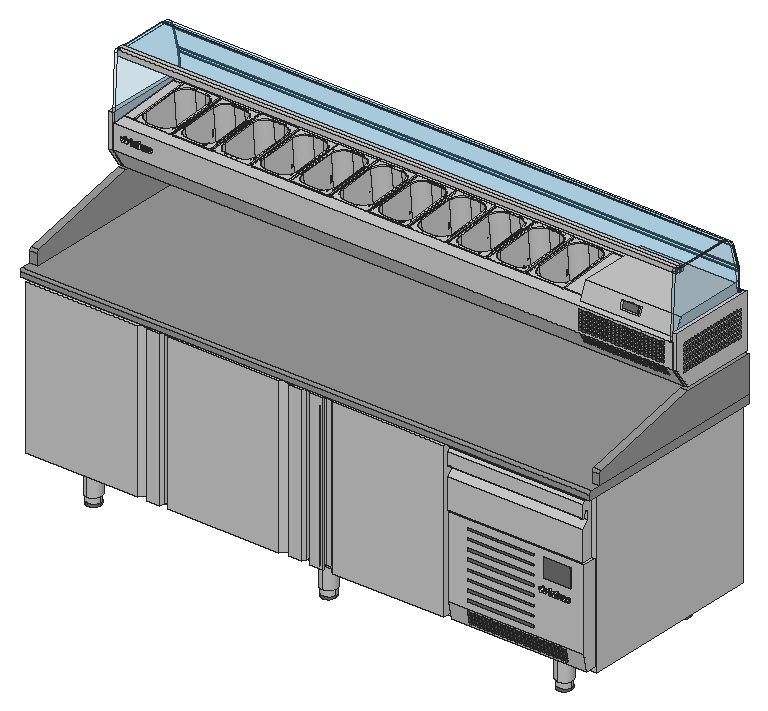
Revit family "QF_INFRICO_MP2300_VIP2300B14_G_250813011618", category Specialty Equipment, Revit 2021 (continued)
Definition of nested family "QF_INFRICO_LEGS_10730"
  Reference planes
    plane 7 "Central": x = 1092.5
  Forms (mm)
    Extrusion 1, solid
      sketch origin (0, 0, 140) x (0, 1, 0) y (-1, 0, 0)
        loop
          line (-568, -154.986) -> (-668, -154.986) -> (-668, -244.986) -> (-568, -244.986) -> (-568, -154.986)
      from 0 to -3
    Extrusion 2, solid
      sketch origin (0, 0, 0) x (1, 0, 0) y (0, 1, 0)
        loop
          circle (199.986, -618) r 28
      from 9 to 35
    Extrusion 3, solid
      sketch origin (0, 0, 0) x (1, 0, 0) y (0, 1, 0)
        loop
          circle (199.986, -618) r 28.5
      from 0 to 9
    Sweep 4, solid
      path origin (0, 0, 0) x (0, 1, 0) y (0, 0, 1)
        loop
          line (-618, 35) -> (-618, 137)
      profile origin (0, -618, 86) x (0, -1, 0) y (1, 0, 0)
        loop
          circle (0, 199.986) r 32
    Extrusion 5, solid
      sketch origin (0, 500, 140) x (0, 1, 0) y (-1, 0, 0)
        loop
          line (-530, -154.986) -> (-630, -154.986) -> (-630, -244.986) -> (-530, -244.986) -> (-530, -154.986)
      from 0 to -3
    Extrusion 6, solid
      sketch origin (0, 500, 0) x (1, 0, 0) y (0, 1, 0)
        loop
          circle (199.986, -580) r 28
      from 9 to 35
    Extrusion 7, solid
      sketch origin (0, 500, 0) x (1, 0, 0) y (0, 1, 0)
        loop
          circle (199.986, -580) r 28.5
      from 0 to 9
    Sweep 8, solid
      path origin (0, 500, 0) x (0, 1, 0) y (0, 0, 1)
        loop
          line (-580, 35) -> (-580, 137)
      profile origin (0, -80, 86) x (0, -1, 0) y (1, 0, 0)
        loop
          circle (0, 199.986) r 32
    Extrusion 9, solid
      sketch origin (1560, 0, 140) x (0, 1, 0) y (-1, 0, 0)
        loop
          line (-568, -379.986) -> (-668, -379.986) -> (-668, -469.986) -> (-568, -469.986) -> (-568, -379.986)
      from 0 to -3
    Extrusion 10, solid
      sketch origin (1560, 0, 0) x (1, 0, 0) y (0, 1, 0)
        loop
          circle (424.986, -618) r 28
      from 9 to 35
    Extrusion 11, solid
      sketch origin (1560, 0, 0) x (1, 0, 0) y (0, 1, 0)
        loop
          circle (424.986, -618) r 28.5
      from 0 to 9
    Sweep 12, solid
      path origin (2185, 0, 0) x (0, -1, 0) y (0, 0, 1)
        loop
          line (618, 35) -> (618, 137)
      profile origin (2185, -618, 86) x (0, 1, 0) y (-1, 0, 0)
        loop
          circle (0, 199.986) r 32
    Extrusion 13, solid
      sketch origin (1560, 500, 140) x (0, 1, 0) y (-1, 0, 0)
        loop
          line (-530, -379.986) -> (-630, -379.986) -> (-630, -469.986) -> (-530, -469.986) -> (-530, -379.986)
      from 0 to -3
    Extrusion 14, solid
      sketch origin (1560, 500, 0) x (1, 0, 0) y (0, 1, 0)
        loop
          circle (424.986, -580) r 28
      from 9 to 35
    Extrusion 15, solid
      sketch origin (1560, 500, 0) x (1, 0, 0) y (0, 1, 0)
        loop
          circle (424.986, -580) r 28.5
      from 0 to 9
    Sweep 16, solid
      path origin (2185, 0, 0) x (0, -1, 0) y (0, 0, 1)
        loop
          line (80, 35) -> (80, 137)
      profile origin (2185, -80, 86) x (0, 1, 0) y (-1, 0, 0)
        loop
          circle (0, 199.986) r 32
    Extrusion 17, solid, visible <- "CentralLegs"
      sketch origin (534.014, 0, 140) x (0, 1, 0) y (-1, 0, 0)
        loop
          line (-568, -513.486) -> (-668, -513.486) -> (-668, -603.486) -> (-568, -603.486) -> (-568, -513.486)
      from 0 to -3
    Extrusion 18, solid, visible <- "CentralLegs"
      sketch origin (534.014, 0, 0) x (1, 0, 0) y (0, 1, 0)
        loop
          circle (558.486, -618) r 28
      from 9 to 35
    Extrusion 19, solid, visible <- "CentralLegs"
      sketch origin (534.014, 0, 0) x (1, 0, 0) y (0, 1, 0)
        loop
          circle (558.486, -618) r 28.5
      from 0 to 9
    Sweep 20, solid, visible <- "CentralLegs"
      path origin (1092.5, 0, 0) x (0, -1, 0) y (0, 0, 1)
        loop
          line (618, 35) -> (618, 137)
      profile origin (1092.5, -618, 86) x (0, 1, 0) y (-1, 0, 0)
        loop
          circle (0, -0.014) r 32
    Extrusion 21, solid, visible <- "CentralLegs"
      sketch origin (534.014, 500, 140) x (0, 1, 0) y (-1, 0, 0)
        loop
          line (-530, -513.486) -> (-630, -513.486) -> (-630, -603.486) -> (-530, -603.486) -> (-530, -513.486)
      from 0 to -3
    Extrusion 22, solid, visible <- "CentralLegs"
      sketch origin (534.014, 500, 0) x (1, 0, 0) y (0, 1, 0)
        loop
          circle (558.486, -580) r 28
      from 9 to 35
    Extrusion 23, solid, visible <- "CentralLegs"
      sketch origin (534.014, 500, 0) x (1, 0, 0) y (0, 1, 0)
        loop
          circle (558.486, -580) r 28.5
      from 0 to 9
    Sweep 24, solid, visible <- "CentralLegs"
      path origin (1092.5, 0, 0) x (0, -1, 0) y (0, 0, 1)
        loop
          line (80, 35) -> (80, 137)
      profile origin (1092.5, -80, 86) x (0, 1, 0) y (-1, 0, 0)
        loop
          circle (0, -0.014) r 32
  Dimensions and locks
    "Length": plane 3 "Left" to plane 4 "Right"
    "Depth": plane 1 "Back" to plane 5 "Front"
    "Height": plane 6 "Top" to plane 2
    equal spacing: plane 3 "Left", plane 7 "Central", plane 4 "Right"
    locked: Sweep 20 sketch curve to profile plane at 0.014
    locked: Sweep 24 sketch curve to profile plane at 0.014
    aligned and locked: level to plane 2
  Automatic sketch dimensions
    plane 5 "Front" to Extrusion 1 sketch curve = 70 mm
    Extrusion 1 sketch curve to Extrusion 1 sketch curve = 100 mm
    plane 3 "Left" to Extrusion 1 sketch curve = 244.986 mm
    Extrusion 1 sketch curve to Extrusion 1 sketch curve = 90 mm
    plane 3 "Left" to Extrusion 2 sketch curve = 199.986 mm
    plane 5 "Front" to Extrusion 2 sketch curve = 120 mm
    plane 3 "Left" to Extrusion 3 sketch curve = 199.986 mm
    plane 5 "Front" to Extrusion 3 sketch curve = 120 mm
    Sweep 4 sketch curve to plane 6 "Top" = 3 mm
    plane 5 "Front" to Sweep 4 sketch curve = 120 mm
    level to Sweep 4 sketch curve = 35 mm
    Sweep 4 sketch curve to profile plane = 0 mm
    plane 3 "Left" to Sweep 4 sketch curve = 199.986 mm
    plane 1 "Back" to Extrusion 5 sketch curve = 130 mm
    plane 1 "Back" to Extrusion 5 sketch curve = 30 mm
    plane 3 "Left" to Extrusion 5 sketch curve = 244.986 mm
    Extrusion 5 sketch curve to Extrusion 5 sketch curve = 90 mm
    plane 1 "Back" to Extrusion 6 sketch curve = 80 mm
    plane 3 "Left" to Extrusion 6 sketch curve = 199.986 mm
    plane 1 "Back" to Extrusion 7 sketch curve = 80 mm
    plane 3 "Left" to Extrusion 7 sketch curve = 199.986 mm
    Sweep 8 sketch curve to plane 6 "Top" = 3 mm
    plane 1 "Back" to Sweep 8 sketch curve = 80 mm
    level to Sweep 8 sketch curve = 35 mm
    Sweep 8 sketch curve to profile plane = 0 mm
    plane 3 "Left" to Sweep 8 sketch curve = 199.986 mm
    plane 5 "Front" to Extrusion 9 sketch curve = 70 mm
    Extrusion 9 sketch curve to Extrusion 9 sketch curve = 100 mm
    plane 4 "Right" to Extrusion 9 sketch curve = 155.014 mm
    Extrusion 9 sketch curve to Extrusion 9 sketch curve = 90 mm
    plane 4 "Right" to Extrusion 10 sketch curve = 200.014 mm
    plane 5 "Front" to Extrusion 10 sketch curve = 120 mm
    plane 4 "Right" to Extrusion 11 sketch curve = 200.014 mm
    plane 5 "Front" to Extrusion 11 sketch curve = 120 mm
    Sweep 12 sketch curve to profile plane = 0 mm
    profile plane to Sweep 12 sketch curve = 199.986 mm
    plane 1 "Back" to Extrusion 13 sketch curve = 130 mm
    plane 1 "Back" to Extrusion 13 sketch curve = 30 mm
    plane 4 "Right" to Extrusion 13 sketch curve = 155.014 mm
    Extrusion 13 sketch curve to Extrusion 13 sketch curve = 90 mm
    plane 1 "Back" to Extrusion 14 sketch curve = 80 mm
    plane 4 "Right" to Extrusion 14 sketch curve = 200.014 mm
    plane 1 "Back" to Extrusion 15 sketch curve = 80 mm
    plane 4 "Right" to Extrusion 15 sketch curve = 200.014 mm
    Sweep 16 sketch curve to profile plane = 0 mm
    profile plane to Sweep 16 sketch curve = 199.986 mm
    plane 5 "Front" to Extrusion 17 sketch curve = 70 mm
    Extrusion 17 sketch curve to plane 7 "Central" = 45 mm
    Extrusion 17 sketch curve to Extrusion 17 sketch curve = 100 mm
    plane 7 "Central" to Extrusion 17 sketch curve = 45 mm
    Extrusion 18 sketch curve to plane 7 "Central" = 0 mm
    plane 5 "Front" to Extrusion 18 sketch curve = 120 mm
    Extrusion 19 sketch curve to plane 7 "Central" = 0 mm
    plane 5 "Front" to Extrusion 19 sketch curve = 120 mm
    Sweep 20 sketch curve to profile plane = 0 mm
    plane 7 "Central" to Extrusion 21 sketch curve = 45 mm
    plane 1 "Back" to Extrusion 21 sketch curve = 130 mm
    plane 1 "Back" to Extrusion 21 sketch curve = 30 mm
    Extrusion 21 sketch curve to plane 7 "Central" = 45 mm
    Extrusion 22 sketch curve to plane 7 "Central" = 0 mm
    plane 1 "Back" to Extrusion 22 sketch curve = 80 mm
    Extrusion 23 sketch curve to plane 7 "Central" = 0 mm
    plane 1 "Back" to Extrusion 23 sketch curve = 80 mm
    Sweep 24 sketch curve to profile plane = 0 mm
    Sweep 16 sketch curve to plane 6 "Top" = 3 mm
    plane 1 "Back" to Sweep 16 sketch curve = 80 mm
    level to Sweep 16 sketch curve = 35 mm
    Sweep 12 sketch curve to plane 6 "Top" = 3 mm
    plane 5 "Front" to Sweep 12 sketch curve = 120 mm
    level to Sweep 12 sketch curve = 35 mm
    Sweep 20 sketch curve to plane 6 "Top" = 3 mm
    plane 5 "Front" to Sweep 20 sketch curve = 120 mm
    level to Sweep 20 sketch curve = 35 mm
    Sweep 24 sketch curve to plane 6 "Top" = 3 mm
    plane 1 "Back" to Sweep 24 sketch curve = 80 mm
    level to Sweep 24 sketch curve = 35 mm
    radius of Extrusion 2 sketch curve = 28 mm
    radius of Extrusion 3 sketch curve = 28.5 mm
    radius of Sweep 4 sketch curve = 32 mm
    radius of Extrusion 6 sketch curve = 28 mm
    radius of Extrusion 7 sketch curve = 28.5 mm
    radius of Sweep 8 sketch curve = 32 mm
    radius of Extrusion 10 sketch curve = 28 mm
    radius of Extrusion 11 sketch curve = 28.5 mm
    radius of Sweep 12 sketch curve = 32 mm
    radius of Extrusion 14 sketch curve = 28 mm
    radius of Extrusion 15 sketch curve = 28.5 mm
    radius of Sweep 16 sketch curve = 32 mm
    radius of Extrusion 18 sketch curve = 28 mm
    radius of Extrusion 19 sketch curve = 28.5 mm
    radius of Sweep 20 sketch curve = 32 mm
    radius of Extrusion 22 sketch curve = 28 mm
    radius of Extrusion 23 sketch curve = 28.5 mm
    radius of Sweep 24 sketch curve = 32 mm
Definition of nested family "CONN_POINT_DRAIN_2D___Generic_Annotation"
  Parameters (values of type "CONN_POINT_DRAIN_2D___Generic_Annotation")
    Onboard connection annotation symbol visibility [instance] = yes
  Reference planes
    plane 1: y = 0
    plane 2: x = 0
  Lines and regions (mm)
    detail lines, visible <- "Onboard connection annotation symbol visibility"
      curve 1: circle (0, 0, 0) r 0.5 normal (0, 0, 1)
      curve 2: line (-1, 0, 0) -> (1, 0, 0)
      curve 3: line (0, 1, 0) -> (0, -1, 0)
      curve 4: line (1.776, 1, 0) -> (1.25, 1, 0)
      curve 5: line (1.25, 1, 0) -> (1.25, -1, 0)
      curve 6: line (1.25, -1, 0) -> (1.776, -1, 0)
      curve 7: arc (2.206, -0.862, 0) -> (2.459, -0.589, 0) -> (2.583, -0.238, 0) r 0.918
      curve 8: arc (2.583, 0.238, 0) -> (2.459, 0.589, 0) -> (2.206, 0.862, 0) r 0.918
      curve 9: arc (2.583, -0.238, 0) -> (2.599, 0, 0) -> (2.583, 0.238, 0) r 1.77
      curve 10: arc (2.206, 0.862, 0) -> (2.002, 0.965, 0) -> (1.776, 1, 0) r 0.741
      curve 11: arc (1.776, -1, 0) -> (2.002, -0.965, 0) -> (2.206, -0.862, 0) r 0.741
Definition of nested family "CONN_POINT_ELE_2D___Generic_Annotation"
  Parameters (values of type "CONN_POINT_ELE_2D___Generic_Annotation")
    Onboard connection annotation symbol visibility [instance] = yes
  Reference planes
    plane 1: y = 0
    plane 2: x = 0
  Lines and regions (mm)
    detail lines, visible <- "Onboard connection annotation symbol visibility"
      curve 1: circle (0, 0, 0) r 0.5 normal (0, 0, 1)
      curve 2: line (-1, 0, 0) -> (1, 0, 0)
      curve 3: line (0, 1, 0) -> (0, -1, 0)
      curve 4: line (2.5, 1, 0) -> (1.25, 1, 0)
      curve 5: line (1.25, 1, 0) -> (1.25, -1, 0)
      curve 6: line (1.25, -1, 0) -> (2.5, -1, 0)
      curve 7: line (1.25, 0, 0) -> (2, 0, 0)
